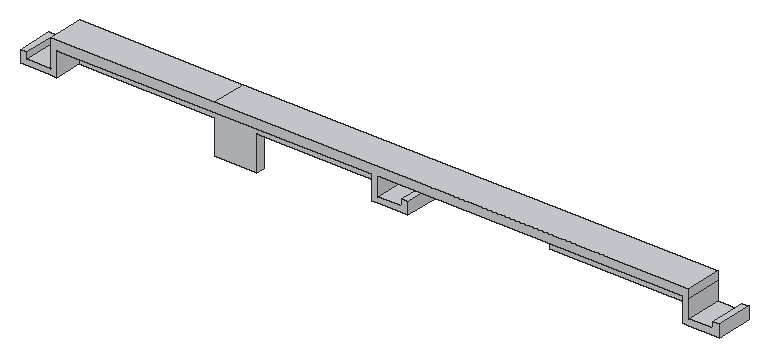
Revit family "Avion tipo 3", category Modelos genéricos, Revit 2024
Family settings
  Puede alojar armadura = No
  Cota de conector redondo = Usar diámetro
  Tipo de pieza = Normal
  Se basa en plano de trabajo = No
  Siempre vertical = Sí
  Corte con vacíos al cargar = No
  Mantener orientación de anotación = No
  Compartido = No
  Punto de cálculo de habitación = No
Parameters
  Elevación por defecto = 0 m
Reference planes (m)
  plane 1 "Centro (Frontal/Posterior)": y = 0
  plane 2: z = 0
  plane 3 "Centro (Izquierda/Derecha)": x = 0
Forms (m)
  Extrusion 1, solid
    sketch origin (0, 0, 0) x (1, 0, 0) y (0, 0, 1)
      loop
        line (-0.27, 0.015) -> (-0.27, -0.03) -> (-0.31, -0.03) -> (-0.31, -0.02) -> (-0.32, -0.02) -> (-0.32, -0.04) -> (-0.27, -0.04) -> (-0.26, -0.04) -> (-0.26, 0) -> (0.26, 0) -> (0.26, -0.04) -> (0.27, -0.04) -> (0.32, -0.04) -> (0.32, -0.02) -> (0.31, -0.02) -> (0.31, -0.03) -> (0.27, -0.03) -> (0.27, 0) -> (0.775, 0) -> (0.775, -0.04) -> (0.785, -0.04) -> (0.835, -0.04) -> (0.835, -0.02) -> (0.825, -0.02) -> (0.825, -0.03) -> (0.785, -0.03) -> (0.785, 0) -> (0.785, 0.015) -> (0, 0.015) -> (-0.27, 0.015)
    from 0 to 0.059841
  Extrusion 2, solid
    sketch origin (0, 0, 0) x (1, 0, 0) y (0, 1, 0)
      loop
        line (-0.26, -0.014182) -> (0.26, -0.014182) -> (0.26, 0) -> (-0.26, 0) -> (-0.26, -0.014182)
    from -0.04 to 0
  Extrusion 3, solid
    sketch origin (0.58, 0, 0) x (1, 0, 0) y (0, 1, 0)
      loop
        line (-0.061627, -0.014182) -> (0.195, -0.014182) -> (0.195, 0) -> (-0.061627, 0) -> (-0.061627, -0.014182)
    from -0.04 to 0
  Extrusion 4, solid
    sketch origin (0, 0, 0) x (1, 0, 0) y (0, 1, 0)
      loop
        line (-0.035, -0.014182) -> (0.035, -0.014182) -> (0.035, 0) -> (-0.035, 0) -> (-0.035, -0.014182)
    from -0.097571 to -0.04
Cuts and joins
  joined: Extrusion 1, Extrusion 2, Extrusion 3, Extrusion 4
Dimensions and locks (m)
  aligned and locked: level to plane 2
